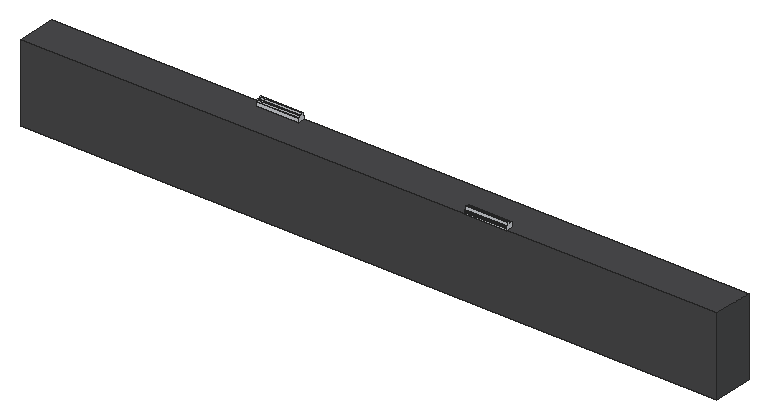
Revit family "DTM30N6.1.24", category Luminarias, Revit 2019
Family settings
  Cota de conector redondo = Diámetro de uso
  Tipo de pieza = Normal
  Se basa en plano de trabajo = Sí
  Siempre vertical = Sí
  Corte con vacíos al cargar = No
  Origen de luz = Sí
  Compartido = No
  Punto de cálculo de habitación = No
Parameters (values of type "RECTANGULAR DWN RIEL_DTM30N6.1.24")
  Ángulo de inclinación = 60.00°
  Zone [instance] = ""
  Watt per fixture = 15
  Wattage = 30.4 W
  built-in parameter 1150107 = 4000 (stored number, unit not read)
  built-in parameter 1150110 = 1 (stored number, unit not read)
  built-in parameter 1150109 = 1 (stored number, unit not read)
  built-in parameter 1150112 = 1 (stored number, unit not read)
  built-in parameter 1150113 = 1 (stored number, unit not read)
  built-in parameter 1114218 = 1 (stored number, unit not read)
  Keynote = ""
  built-in parameter 1150137 = (empty or 0)
  built-in parameter 1150132 = (empty or 0)
  Modelo = "DTM30N6.1.24"
  Lámpara = "3030SMD PHILIPS"
  built-in parameter 1150105 = 217.72 (stored number, unit not read)
  built-in parameter 1150102 = (empty or 0)
  built-in parameter 1150106 = 2.1772 (stored number, unit not read)
  Lumens = 2736 lm
  Color Filter = 16777215
  built-in parameter 1114217 = 1 (stored number, unit not read)
  built-in parameter 1150139 = (empty or 0)
  Fabricante = "BRILLANT"
  Default Elevation = 1219.2 mm
  built-in parameter 1150104 = 8.3613 (stored number, unit not read)
  Descripción = "LUMINARIA DOWNLIGHT EN FORMATO RECTANGULAR COMPATIBLE CON RIEL DE 6 ENTRADAS Y 3 CIRCUITOS, CUERPO DE ALUMINIO ACABADO EN COLOR NEGRO, IP 20, PESO 1.40Kg, TIPO DE LED 3030SMD PHILIPS CON 30.4W TOTAL, 1450 LUMENES, 90LM/W, IRC 90, TEMPERATURA EN BLANCO FRIO 4000K, 50 MIL HORAS DE VIDA PROMEDIO, APERTURA DE 24 GRADOS POR STOCK, ALIMENTADO A 90-240V"
  built-in parameter 1150115 = 1 (stored number, unit not read)
  built-in parameter 1150114 = 1 (stored number, unit not read)
  Comentarios de vataje = "90-240V"
  built-in parameter 1150138 = (empty or 0)
  built-in parameter 1150134 = 12
  Circuit [instance] = ""
  Dimming Lamp Color Temperature Shift = (empty or 0)
  Archivo de red fotométrica = "L646A-30W-840-B-24_IESNA95.IES"
  built-in parameter 1150133 = 10 (stored number, unit not read)
Reference planes
  plane 1 "Centro (Frontal/Posterior)": y = 0
  plane 2: z = 0
  plane 3 "Centro (Izquierda/Derecha)": x = 0
Forms (mm)
  Extrusion 1, solid, material "Default Form"
    sketch origin (0, 0, 0) x (1, 0, 0) y (0, 0, 1)
      loop
        line (-323, 0) -> (-323, -72) -> (323, -72) -> (323, 0) -> (-323, 0)
    from -18.326 to 18.326
  Extrusion 2, solid
    sketch origin (0, 0, 3.217) x (0, 1, 0) y (0, 0, 1)
      loop
        line (-12.149, -3.217) -> (-12.149, 0) -> (-12.935, 0) -> (-12.935, 1.637) -> (-13.796, 1.637) -> (-13.796, 0) -> (-14.582, 0) -> (-14.582, 0.811) -> (-15.443, 0.811) -> (-15.443, 0) -> (-16.233, 0) -> (-16.233, 2.691) -> (-17.279, 2.691) -> (-17.279, 0) -> (-18.061, 0) -> (-18.061, -0.861) -> (-17.162, -0.861) -> (-17.162, -2.042) -> (-18.326, -2.042) -> (-18.326, -3.217) -> (-12.149, -3.217)
    from 89.098 to 128.24
  Extrusion 3, solid
    sketch origin (0, 0, 3.217) x (0, -1, 0) y (0, 0, 1)
      loop
        line (-12.149, -3.217) -> (-12.149, 0) -> (-12.935, 0) -> (-12.935, 1.637) -> (-13.796, 1.637) -> (-13.796, 0) -> (-14.582, 0) -> (-14.582, 0.811) -> (-15.443, 0.811) -> (-15.443, 0) -> (-16.233, 0) -> (-16.233, 2.691) -> (-17.279, 2.691) -> (-17.279, 0) -> (-18.061, 0) -> (-18.061, -0.861) -> (-17.162, -0.861) -> (-17.162, -2.042) -> (-18.326, -2.042) -> (-18.326, -3.217) -> (-12.149, -3.217)
    from 89.098 to 128.24
  Blend 4, void
    base sketch origin (-142.93, 0, 0) x (1, 0, 0) y (0, 1, 0)
      loop
        line (-162, 16.149) -> (-162, -16.149) -> (-144.14, -16.149) -> (-144.14, 16.149) -> (-162, 16.149)
    top sketch origin (-142.93, 0, 0) x (1, 0, 0) y (0, 1, 0)
      loop
        line (-160, 12.149) -> (-160, -12.149) -> (-146.14, -12.149) -> (-146.14, 12.149) -> (-160, 12.149)
    from -72 to -61.591
  Blend 5, void
    base sketch origin (-115.93, 0, 0) x (1, 0, 0) y (0, 1, 0)
      loop
        line (-162, 16.149) -> (-162, -16.149) -> (-144.14, -16.149) -> (-144.14, 16.149) -> (-162, 16.149)
    top sketch origin (-115.93, 0, 0) x (1, 0, 0) y (0, 1, 0)
      loop
        line (-160, 12.149) -> (-160, -12.149) -> (-146.14, -12.149) -> (-146.14, 12.149) -> (-160, 12.149)
    from -72 to -61.591
  Blend 6, void
    base sketch origin (-88.93, 0, 0) x (1, 0, 0) y (0, 1, 0)
      loop
        line (-162, 16.149) -> (-162, -16.149) -> (-144.14, -16.149) -> (-144.14, 16.149) -> (-162, 16.149)
    top sketch origin (-88.93, 0, 0) x (1, 0, 0) y (0, 1, 0)
      loop
        line (-160, 12.149) -> (-160, -12.149) -> (-146.14, -12.149) -> (-146.14, 12.149) -> (-160, 12.149)
    from -72 to -61.591
  Blend 7, void
    base sketch origin (-61.93, 0, 0) x (1, 0, 0) y (0, 1, 0)
      loop
        line (-162, 16.149) -> (-162, -16.149) -> (-144.14, -16.149) -> (-144.14, 16.149) -> (-162, 16.149)
    top sketch origin (-61.93, 0, 0) x (1, 0, 0) y (0, 1, 0)
      loop
        line (-160, 12.149) -> (-160, -12.149) -> (-146.14, -12.149) -> (-146.14, 12.149) -> (-160, 12.149)
    from -72 to -61.591
  Blend 8, void
    base sketch origin (-34.93, 0, 0) x (1, 0, 0) y (0, 1, 0)
      loop
        line (-162, 16.149) -> (-162, -16.149) -> (-144.14, -16.149) -> (-144.14, 16.149) -> (-162, 16.149)
    top sketch origin (-34.93, 0, 0) x (1, 0, 0) y (0, 1, 0)
      loop
        line (-160, 12.149) -> (-160, -12.149) -> (-146.14, -12.149) -> (-146.14, 12.149) -> (-160, 12.149)
    from -72 to -61.591
  Blend 9, void
    base sketch origin (-7.93, 0, 0) x (1, 0, 0) y (0, 1, 0)
      loop
        line (-162, 16.149) -> (-162, -16.149) -> (-144.14, -16.149) -> (-144.14, 16.149) -> (-162, 16.149)
    top sketch origin (-7.93, 0, 0) x (1, 0, 0) y (0, 1, 0)
      loop
        line (-160, 12.149) -> (-160, -12.149) -> (-146.14, -12.149) -> (-146.14, 12.149) -> (-160, 12.149)
    from -72 to -61.591
  Blend 10, void
    base sketch origin (19.07, 0, 0) x (1, 0, 0) y (0, 1, 0)
      loop
        line (-162, 16.149) -> (-162, -16.149) -> (-144.14, -16.149) -> (-144.14, 16.149) -> (-162, 16.149)
    top sketch origin (19.07, 0, 0) x (1, 0, 0) y (0, 1, 0)
      loop
        line (-160, 12.149) -> (-160, -12.149) -> (-146.14, -12.149) -> (-146.14, 12.149) -> (-160, 12.149)
    from -72 to -61.591
  Blend 11, void
    base sketch origin (46.07, 0, 0) x (1, 0, 0) y (0, 1, 0)
      loop
        line (-162, 16.149) -> (-162, -16.149) -> (-144.14, -16.149) -> (-144.14, 16.149) -> (-162, 16.149)
    top sketch origin (46.07, 0, 0) x (1, 0, 0) y (0, 1, 0)
      loop
        line (-160, 12.149) -> (-160, -12.149) -> (-146.14, -12.149) -> (-146.14, 12.149) -> (-160, 12.149)
    from -72 to -61.591
  Blend 12, void
    base sketch origin (73.07, 0, 0) x (1, 0, 0) y (0, 1, 0)
      loop
        line (-162, 16.149) -> (-162, -16.149) -> (-144.14, -16.149) -> (-144.14, 16.149) -> (-162, 16.149)
    top sketch origin (73.07, 0, 0) x (1, 0, 0) y (0, 1, 0)
      loop
        line (-160, 12.149) -> (-160, -12.149) -> (-146.14, -12.149) -> (-146.14, 12.149) -> (-160, 12.149)
    from -72 to -61.591
  Blend 13, void
    base sketch origin (100.07, 0, 0) x (1, 0, 0) y (0, 1, 0)
      loop
        line (-162, 16.149) -> (-162, -16.149) -> (-144.14, -16.149) -> (-144.14, 16.149) -> (-162, 16.149)
    top sketch origin (100.07, 0, 0) x (1, 0, 0) y (0, 1, 0)
      loop
        line (-160, 12.149) -> (-160, -12.149) -> (-146.14, -12.149) -> (-146.14, 12.149) -> (-160, 12.149)
    from -72 to -61.591
  Blend 14, void
    base sketch origin (127.07, 0, 0) x (1, 0, 0) y (0, 1, 0)
      loop
        line (-162, 16.149) -> (-162, -16.149) -> (-144.14, -16.149) -> (-144.14, 16.149) -> (-162, 16.149)
    top sketch origin (127.07, 0, 0) x (1, 0, 0) y (0, 1, 0)
      loop
        line (-160, 12.149) -> (-160, -12.149) -> (-146.14, -12.149) -> (-146.14, 12.149) -> (-160, 12.149)
    from -72 to -61.591
  Blend 15, void
    base sketch origin (154.07, 0, 0) x (1, 0, 0) y (0, 1, 0)
      loop
        line (-162, 16.149) -> (-162, -16.149) -> (-144.14, -16.149) -> (-144.14, 16.149) -> (-162, 16.149)
    top sketch origin (154.07, 0, 0) x (1, 0, 0) y (0, 1, 0)
      loop
        line (-160, 12.149) -> (-160, -12.149) -> (-146.14, -12.149) -> (-146.14, 12.149) -> (-160, 12.149)
    from -72 to -61.591
  Blend 16, void
    base sketch origin (181.07, 0, 0) x (1, 0, 0) y (0, 1, 0)
      loop
        line (-162, 16.149) -> (-162, -16.149) -> (-144.14, -16.149) -> (-144.14, 16.149) -> (-162, 16.149)
    top sketch origin (181.07, 0, 0) x (1, 0, 0) y (0, 1, 0)
      loop
        line (-160, 12.149) -> (-160, -12.149) -> (-146.14, -12.149) -> (-146.14, 12.149) -> (-160, 12.149)
    from -72 to -61.591
  Blend 17, void
    base sketch origin (208.07, 0, 0) x (1, 0, 0) y (0, 1, 0)
      loop
        line (-162, 16.149) -> (-162, -16.149) -> (-144.14, -16.149) -> (-144.14, 16.149) -> (-162, 16.149)
    top sketch origin (208.07, 0, 0) x (1, 0, 0) y (0, 1, 0)
      loop
        line (-160, 12.149) -> (-160, -12.149) -> (-146.14, -12.149) -> (-146.14, 12.149) -> (-160, 12.149)
    from -72 to -61.591
  Blend 18, void
    base sketch origin (235.07, 0, 0) x (1, 0, 0) y (0, 1, 0)
      loop
        line (-162, 16.149) -> (-162, -16.149) -> (-144.14, -16.149) -> (-144.14, 16.149) -> (-162, 16.149)
    top sketch origin (235.07, 0, 0) x (1, 0, 0) y (0, 1, 0)
      loop
        line (-160, 12.149) -> (-160, -12.149) -> (-146.14, -12.149) -> (-146.14, 12.149) -> (-160, 12.149)
    from -72 to -61.591
  Blend 19, void
    base sketch origin (262.07, 0, 0) x (1, 0, 0) y (0, 1, 0)
      loop
        line (-162, 16.149) -> (-162, -16.149) -> (-144.14, -16.149) -> (-144.14, 16.149) -> (-162, 16.149)
    top sketch origin (262.07, 0, 0) x (1, 0, 0) y (0, 1, 0)
      loop
        line (-160, 12.149) -> (-160, -12.149) -> (-146.14, -12.149) -> (-146.14, 12.149) -> (-160, 12.149)
    from -72 to -61.591
  Blend 20, void
    base sketch origin (289.07, 0, 0) x (1, 0, 0) y (0, 1, 0)
      loop
        line (-162, 16.149) -> (-162, -16.149) -> (-144.14, -16.149) -> (-144.14, 16.149) -> (-162, 16.149)
    top sketch origin (289.07, 0, 0) x (1, 0, 0) y (0, 1, 0)
      loop
        line (-160, 12.149) -> (-160, -12.149) -> (-146.14, -12.149) -> (-146.14, 12.149) -> (-160, 12.149)
    from -72 to -61.591
  Blend 21, void
    base sketch origin (316.07, 0, 0) x (1, 0, 0) y (0, 1, 0)
      loop
        line (-162, 16.149) -> (-162, -16.149) -> (-144.14, -16.149) -> (-144.14, 16.149) -> (-162, 16.149)
    top sketch origin (316.07, 0, 0) x (1, 0, 0) y (0, 1, 0)
      loop
        line (-160, 12.149) -> (-160, -12.149) -> (-146.14, -12.149) -> (-146.14, 12.149) -> (-160, 12.149)
    from -72 to -61.591
  Blend 22, void
    base sketch origin (343.07, 0, 0) x (1, 0, 0) y (0, 1, 0)
      loop
        line (-162, 16.149) -> (-162, -16.149) -> (-144.14, -16.149) -> (-144.14, 16.149) -> (-162, 16.149)
    top sketch origin (343.07, 0, 0) x (1, 0, 0) y (0, 1, 0)
      loop
        line (-160, 12.149) -> (-160, -12.149) -> (-146.14, -12.149) -> (-146.14, 12.149) -> (-160, 12.149)
    from -72 to -61.591
  Blend 23, void
    base sketch origin (370.07, 0, 0) x (1, 0, 0) y (0, 1, 0)
      loop
        line (-162, 16.149) -> (-162, -16.149) -> (-144.14, -16.149) -> (-144.14, 16.149) -> (-162, 16.149)
    top sketch origin (370.07, 0, 0) x (1, 0, 0) y (0, 1, 0)
      loop
        line (-160, 12.149) -> (-160, -12.149) -> (-146.14, -12.149) -> (-146.14, 12.149) -> (-160, 12.149)
    from -72 to -61.591
  Blend 24, void
    base sketch origin (397.07, 0, 0) x (1, 0, 0) y (0, 1, 0)
      loop
        line (-162, 16.149) -> (-162, -16.149) -> (-144.14, -16.149) -> (-144.14, 16.149) -> (-162, 16.149)
    top sketch origin (397.07, 0, 0) x (1, 0, 0) y (0, 1, 0)
      loop
        line (-160, 12.149) -> (-160, -12.149) -> (-146.14, -12.149) -> (-146.14, 12.149) -> (-160, 12.149)
    from -72 to -61.591
  Blend 25, void
    base sketch origin (424.07, 0, 0) x (1, 0, 0) y (0, 1, 0)
      loop
        line (-162, 16.149) -> (-162, -16.149) -> (-144.14, -16.149) -> (-144.14, 16.149) -> (-162, 16.149)
    top sketch origin (424.07, 0, 0) x (1, 0, 0) y (0, 1, 0)
      loop
        line (-160, 12.149) -> (-160, -12.149) -> (-146.14, -12.149) -> (-146.14, 12.149) -> (-160, 12.149)
    from -72 to -61.591
  Blend 26, void
    base sketch origin (451.07, 0, 0) x (1, 0, 0) y (0, 1, 0)
      loop
        line (-162, 16.149) -> (-162, -16.149) -> (-144.14, -16.149) -> (-144.14, 16.149) -> (-162, 16.149)
    top sketch origin (451.07, 0, 0) x (1, 0, 0) y (0, 1, 0)
      loop
        line (-160, 12.149) -> (-160, -12.149) -> (-146.14, -12.149) -> (-146.14, 12.149) -> (-160, 12.149)
    from -72 to -61.591
Cuts and joins
  Blend 4, Blend 5, Blend 6, Blend 7, Blend 8, Blend 9, Blend 10, Blend 11, Blend 12, Blend 13, Blend 14, Blend 15, Blend 16, Blend 17, Blend 18, Blend 19, Blend 20, Blend 21, Blend 22, Blend 23, Blend 24, Blend 25, Blend 26 cuts Extrusion 1
Dimensions and locks
  equal spacing: Extrusion 1, plane 1 "Centro (Frontal/Posterior)", Extrusion 1
  Extrusion 1 to plane 1 "Centro (Frontal/Posterior)" = 18.326 mm
  Extrusion 1 to Extrusion 1 = 36.651 mm
  Extrusion 1 to Extrusion 1 = 72 mm
  Extrusion 1 to Extrusion 1 = 646 mm
  cut or joined group 1 (Extrusion 1, Blend 4, Blend 5, Blend 6, Blend 7, Blend 8, Blend 9, Blend 10, Blend 11, Blend 12, Blend 13, Blend 14, Blend 15, Blend 16, Blend 17, Blend 18, Blend 19, Blend 20, Blend 21, Blend 22, Blend 23, Blend 24, Blend 25, Blend 26) to cut or joined group 1 = 72 mm
  cut or joined group 1 to cut or joined group 1 = 36.651 mm
  cut or joined group 1 to cut or joined group 1 = 646 mm
  equal spacing: cut or joined group 1, plane 1 "Centro (Frontal/Posterior)", cut or joined group 1
  aligned and locked: level to plane 2
Automatic sketch dimensions
  Extrusion 1 sketch curve to level = 0 mm
  Extrusion 1 sketch curve to level = 72 mm
  Extrusion 1 sketch curve to plane 3 "Centro (Izquierda/Derecha)" = 323 mm
  plane 3 "Centro (Izquierda/Derecha)" to Extrusion 1 sketch curve = 323 mm
  Extrusion 2 sketch curve to level = 0 mm
  level to Extrusion 2 sketch curve = 1.175 mm
  plane 1 "Centro (Frontal/Posterior)" to Extrusion 2 sketch curve = 18.326 mm
  Extrusion 2 sketch curve to Extrusion 2 sketch curve = 0.265 mm
  Extrusion 2 sketch curve to Extrusion 2 sketch curve = 0.782 mm
  Extrusion 2 sketch curve to Extrusion 2 sketch curve = 1.164 mm
  Extrusion 2 sketch curve to Extrusion 2 sketch curve = 1.046 mm
  Extrusion 2 sketch curve to Extrusion 2 sketch curve = 0.789 mm
  Extrusion 2 sketch curve to Extrusion 2 sketch curve = 0.861 mm  (x3)
  Extrusion 2 sketch curve to Extrusion 2 sketch curve = 0.786 mm
  Extrusion 2 sketch curve to Extrusion 2 sketch curve = 0.785 mm
  Extrusion 2 sketch curve to Extrusion 2 sketch curve = 1.181 mm
  level to Extrusion 2 sketch curve = 3.217 mm
  Extrusion 2 sketch curve to Extrusion 2 sketch curve = 0 mm  (x2)
  Extrusion 2 sketch curve to Extrusion 2 sketch curve = 0.811 mm
  Extrusion 2 sketch curve to Extrusion 2 sketch curve = 0.826 mm
  Extrusion 2 sketch curve to Extrusion 2 sketch curve = 1.88 mm
  Extrusion 3 sketch curve to level = 0 mm
  level to Extrusion 3 sketch curve = 1.175 mm
  Extrusion 3 sketch curve to plane 1 "Centro (Frontal/Posterior)" = 18.326 mm
  Extrusion 3 sketch curve to Extrusion 3 sketch curve = 0.265 mm
  Extrusion 3 sketch curve to Extrusion 3 sketch curve = 0.782 mm
  Extrusion 3 sketch curve to Extrusion 3 sketch curve = 1.164 mm
  Extrusion 3 sketch curve to Extrusion 3 sketch curve = 1.046 mm
  Extrusion 3 sketch curve to Extrusion 3 sketch curve = 0.789 mm
  Extrusion 3 sketch curve to Extrusion 3 sketch curve = 0.861 mm  (x3)
  Extrusion 3 sketch curve to Extrusion 3 sketch curve = 0.786 mm
  Extrusion 3 sketch curve to Extrusion 3 sketch curve = 0.785 mm
  Extrusion 3 sketch curve to Extrusion 3 sketch curve = 1.181 mm
  level to Extrusion 3 sketch curve = 3.217 mm
  Extrusion 3 sketch curve to Extrusion 3 sketch curve = 0 mm  (x2)
  Extrusion 3 sketch curve to Extrusion 3 sketch curve = 0.811 mm
  Extrusion 3 sketch curve to Extrusion 3 sketch curve = 0.826 mm
  Extrusion 3 sketch curve to Extrusion 3 sketch curve = 1.88 mm
  Blend 4 sketch curve to plane 1 "Centro (Frontal/Posterior)" = 16.149 mm
  Blend 4 sketch curve to plane 3 "Centro (Izquierda/Derecha)" = 304.93 mm
  Blend 4 sketch curve to Blend 4 sketch curve = 17.86 mm
  plane 1 "Centro (Frontal/Posterior)" to Blend 4 sketch curve = 16.149 mm
  Blend 4 sketch curve to plane 1 "Centro (Frontal/Posterior)" = 12.149 mm
  Blend 4 sketch curve to plane 3 "Centro (Izquierda/Derecha)" = 302.93 mm
  Blend 4 sketch curve to Blend 4 sketch curve = 13.86 mm
  plane 1 "Centro (Frontal/Posterior)" to Blend 4 sketch curve = 12.149 mm
  Blend 5 sketch curve to Blend 5 sketch curve = 17.86 mm
  Blend 5 sketch curve to Blend 5 sketch curve = 13.86 mm
  Blend 5 sketch curve to Blend 5 sketch curve = 32.298 mm
  Blend 5 sketch curve to Blend 5 sketch curve = 24.298 mm
  Blend 6 sketch curve to Blend 6 sketch curve = 17.86 mm
  Blend 6 sketch curve to Blend 6 sketch curve = 13.86 mm
  Blend 6 sketch curve to Blend 6 sketch curve = 32.298 mm
  Blend 6 sketch curve to Blend 6 sketch curve = 24.298 mm
  Blend 7 sketch curve to Blend 7 sketch curve = 17.86 mm
  Blend 7 sketch curve to Blend 7 sketch curve = 13.86 mm
  Blend 7 sketch curve to Blend 7 sketch curve = 32.298 mm
  Blend 7 sketch curve to Blend 7 sketch curve = 24.298 mm
  Blend 8 sketch curve to Blend 8 sketch curve = 17.86 mm
  Blend 8 sketch curve to Blend 8 sketch curve = 13.86 mm
  Blend 8 sketch curve to Blend 8 sketch curve = 32.298 mm
  Blend 8 sketch curve to Blend 8 sketch curve = 24.298 mm
  Blend 9 sketch curve to Blend 9 sketch curve = 17.86 mm
  Blend 9 sketch curve to Blend 9 sketch curve = 13.86 mm
  Blend 9 sketch curve to Blend 9 sketch curve = 32.298 mm
  Blend 9 sketch curve to Blend 9 sketch curve = 24.298 mm
  Blend 10 sketch curve to Blend 10 sketch curve = 17.86 mm
  Blend 10 sketch curve to Blend 10 sketch curve = 13.86 mm
  Blend 10 sketch curve to Blend 10 sketch curve = 32.298 mm
  Blend 10 sketch curve to Blend 10 sketch curve = 24.298 mm
  Blend 11 sketch curve to Blend 11 sketch curve = 17.86 mm
  Blend 11 sketch curve to Blend 11 sketch curve = 13.86 mm
  Blend 11 sketch curve to Blend 11 sketch curve = 32.298 mm
  Blend 11 sketch curve to Blend 11 sketch curve = 24.298 mm
  Blend 12 sketch curve to Blend 12 sketch curve = 17.86 mm
  Blend 12 sketch curve to Blend 12 sketch curve = 13.86 mm
  Blend 12 sketch curve to Blend 12 sketch curve = 32.298 mm
  Blend 12 sketch curve to Blend 12 sketch curve = 24.298 mm
  Blend 13 sketch curve to Blend 13 sketch curve = 17.86 mm
  Blend 13 sketch curve to Blend 13 sketch curve = 13.86 mm
  Blend 13 sketch curve to Blend 13 sketch curve = 32.298 mm
  Blend 13 sketch curve to Blend 13 sketch curve = 24.298 mm
  Blend 14 sketch curve to Blend 14 sketch curve = 17.86 mm
  Blend 14 sketch curve to Blend 14 sketch curve = 13.86 mm
  Blend 14 sketch curve to Blend 14 sketch curve = 32.298 mm
  Blend 14 sketch curve to Blend 14 sketch curve = 24.298 mm
  Blend 15 sketch curve to Blend 15 sketch curve = 17.86 mm
  Blend 15 sketch curve to Blend 15 sketch curve = 13.86 mm
  Blend 15 sketch curve to Blend 15 sketch curve = 32.298 mm
  Blend 15 sketch curve to Blend 15 sketch curve = 24.298 mm
  Blend 16 sketch curve to Blend 16 sketch curve = 17.86 mm
  Blend 16 sketch curve to Blend 16 sketch curve = 13.86 mm
  Blend 16 sketch curve to Blend 16 sketch curve = 32.298 mm
  Blend 16 sketch curve to Blend 16 sketch curve = 24.298 mm
  Blend 17 sketch curve to Blend 17 sketch curve = 17.86 mm
  Blend 17 sketch curve to Blend 17 sketch curve = 13.86 mm
  Blend 17 sketch curve to Blend 17 sketch curve = 32.298 mm
  Blend 17 sketch curve to Blend 17 sketch curve = 24.298 mm
  Blend 18 sketch curve to Blend 18 sketch curve = 17.86 mm
  Blend 18 sketch curve to Blend 18 sketch curve = 13.86 mm
  Blend 18 sketch curve to Blend 18 sketch curve = 32.298 mm
  Blend 18 sketch curve to Blend 18 sketch curve = 24.298 mm
  Blend 19 sketch curve to Blend 19 sketch curve = 17.86 mm
  Blend 19 sketch curve to Blend 19 sketch curve = 13.86 mm
  Blend 19 sketch curve to Blend 19 sketch curve = 32.298 mm
  Blend 19 sketch curve to Blend 19 sketch curve = 24.298 mm
  Blend 20 sketch curve to Blend 20 sketch curve = 17.86 mm
  Blend 20 sketch curve to Blend 20 sketch curve = 13.86 mm
  Blend 20 sketch curve to Blend 20 sketch curve = 32.298 mm
  Blend 20 sketch curve to Blend 20 sketch curve = 24.298 mm
  Blend 21 sketch curve to Blend 21 sketch curve = 17.86 mm
  Blend 21 sketch curve to Blend 21 sketch curve = 13.86 mm
  Blend 21 sketch curve to Blend 21 sketch curve = 32.298 mm
  Blend 21 sketch curve to Blend 21 sketch curve = 24.298 mm
  Blend 22 sketch curve to Blend 22 sketch curve = 17.86 mm
  Blend 22 sketch curve to Blend 22 sketch curve = 13.86 mm
  Blend 22 sketch curve to Blend 22 sketch curve = 32.298 mm
  Blend 22 sketch curve to Blend 22 sketch curve = 24.298 mm
  Blend 23 sketch curve to Blend 23 sketch curve = 17.86 mm
  Blend 23 sketch curve to Blend 23 sketch curve = 13.86 mm
  Blend 23 sketch curve to Blend 23 sketch curve = 32.298 mm
  Blend 23 sketch curve to Blend 23 sketch curve = 24.298 mm
  Blend 24 sketch curve to Blend 24 sketch curve = 17.86 mm
  Blend 24 sketch curve to Blend 24 sketch curve = 13.86 mm
  Blend 24 sketch curve to Blend 24 sketch curve = 32.298 mm
  Blend 24 sketch curve to Blend 24 sketch curve = 24.298 mm
  Blend 25 sketch curve to Blend 25 sketch curve = 17.86 mm
  Blend 25 sketch curve to Blend 25 sketch curve = 13.86 mm
  Blend 25 sketch curve to Blend 25 sketch curve = 32.298 mm
  Blend 25 sketch curve to Blend 25 sketch curve = 24.298 mm
  Blend 26 sketch curve to Blend 26 sketch curve = 17.86 mm
  Blend 26 sketch curve to Blend 26 sketch curve = 13.86 mm
  Blend 26 sketch curve to Blend 26 sketch curve = 32.298 mm
  Blend 26 sketch curve to Blend 26 sketch curve = 24.298 mm
  Blend 5 sketch curve to plane 1 "Centro (Frontal/Posterior)" = 16.149 mm
  Blend 5 sketch curve to plane 3 "Centro (Izquierda/Derecha)" = 277.93 mm
  Blend 5 sketch curve to plane 1 "Centro (Frontal/Posterior)" = 12.149 mm
  Blend 5 sketch curve to plane 3 "Centro (Izquierda/Derecha)" = 275.93 mm
  Blend 6 sketch curve to plane 1 "Centro (Frontal/Posterior)" = 16.149 mm
  Blend 6 sketch curve to plane 3 "Centro (Izquierda/Derecha)" = 250.93 mm
  Blend 6 sketch curve to plane 1 "Centro (Frontal/Posterior)" = 12.149 mm
  Blend 6 sketch curve to plane 3 "Centro (Izquierda/Derecha)" = 248.93 mm
  Blend 7 sketch curve to plane 1 "Centro (Frontal/Posterior)" = 16.149 mm
  Blend 7 sketch curve to plane 3 "Centro (Izquierda/Derecha)" = 223.93 mm
  Blend 7 sketch curve to plane 1 "Centro (Frontal/Posterior)" = 12.149 mm
  Blend 7 sketch curve to plane 3 "Centro (Izquierda/Derecha)" = 221.93 mm
  Blend 8 sketch curve to plane 1 "Centro (Frontal/Posterior)" = 16.149 mm
  Blend 8 sketch curve to plane 3 "Centro (Izquierda/Derecha)" = 196.93 mm
  Blend 8 sketch curve to plane 1 "Centro (Frontal/Posterior)" = 12.149 mm
  Blend 8 sketch curve to plane 3 "Centro (Izquierda/Derecha)" = 194.93 mm
  Blend 9 sketch curve to plane 1 "Centro (Frontal/Posterior)" = 16.149 mm
  Blend 9 sketch curve to plane 3 "Centro (Izquierda/Derecha)" = 169.93 mm
  Blend 9 sketch curve to plane 1 "Centro (Frontal/Posterior)" = 12.149 mm
  Blend 9 sketch curve to plane 3 "Centro (Izquierda/Derecha)" = 167.93 mm
  Blend 10 sketch curve to plane 1 "Centro (Frontal/Posterior)" = 16.149 mm
  Blend 10 sketch curve to plane 3 "Centro (Izquierda/Derecha)" = 142.93 mm
  Blend 10 sketch curve to plane 1 "Centro (Frontal/Posterior)" = 12.149 mm
  Blend 10 sketch curve to plane 3 "Centro (Izquierda/Derecha)" = 140.93 mm
  Blend 11 sketch curve to plane 1 "Centro (Frontal/Posterior)" = 16.149 mm
  Blend 11 sketch curve to plane 3 "Centro (Izquierda/Derecha)" = 115.93 mm
  Blend 11 sketch curve to plane 1 "Centro (Frontal/Posterior)" = 12.149 mm
  Blend 11 sketch curve to plane 3 "Centro (Izquierda/Derecha)" = 113.93 mm
  Blend 12 sketch curve to plane 1 "Centro (Frontal/Posterior)" = 16.149 mm
  Blend 12 sketch curve to plane 3 "Centro (Izquierda/Derecha)" = 88.93 mm
  Blend 12 sketch curve to plane 1 "Centro (Frontal/Posterior)" = 12.149 mm
  Blend 12 sketch curve to plane 3 "Centro (Izquierda/Derecha)" = 86.93 mm
  Blend 13 sketch curve to plane 1 "Centro (Frontal/Posterior)" = 16.149 mm
  Blend 13 sketch curve to plane 3 "Centro (Izquierda/Derecha)" = 61.93 mm
  Blend 13 sketch curve to plane 1 "Centro (Frontal/Posterior)" = 12.149 mm
  Blend 13 sketch curve to plane 3 "Centro (Izquierda/Derecha)" = 59.93 mm
  Blend 14 sketch curve to plane 1 "Centro (Frontal/Posterior)" = 16.149 mm
  Blend 14 sketch curve to plane 3 "Centro (Izquierda/Derecha)" = 34.93 mm
  Blend 14 sketch curve to plane 1 "Centro (Frontal/Posterior)" = 12.149 mm
  Blend 14 sketch curve to plane 3 "Centro (Izquierda/Derecha)" = 32.93 mm
  Blend 15 sketch curve to plane 3 "Centro (Izquierda/Derecha)" = 7.93 mm
  plane 1 "Centro (Frontal/Posterior)" to Blend 15 sketch curve = 16.149 mm
  Blend 15 sketch curve to plane 3 "Centro (Izquierda/Derecha)" = 5.93 mm
  plane 1 "Centro (Frontal/Posterior)" to Blend 15 sketch curve = 12.149 mm
  plane 3 "Centro (Izquierda/Derecha)" to Blend 16 sketch curve = 19.07 mm
  plane 1 "Centro (Frontal/Posterior)" to Blend 16 sketch curve = 16.149 mm
  plane 3 "Centro (Izquierda/Derecha)" to Blend 16 sketch curve = 21.07 mm
  plane 1 "Centro (Frontal/Posterior)" to Blend 16 sketch curve = 12.149 mm
  Blend 17 sketch curve to plane 1 "Centro (Frontal/Posterior)" = 16.149 mm
  plane 3 "Centro (Izquierda/Derecha)" to Blend 17 sketch curve = 46.07 mm
  Blend 17 sketch curve to plane 1 "Centro (Frontal/Posterior)" = 12.149 mm
  plane 3 "Centro (Izquierda/Derecha)" to Blend 17 sketch curve = 48.07 mm
  Blend 18 sketch curve to plane 1 "Centro (Frontal/Posterior)" = 16.149 mm
  plane 3 "Centro (Izquierda/Derecha)" to Blend 18 sketch curve = 73.07 mm
  Blend 18 sketch curve to plane 1 "Centro (Frontal/Posterior)" = 12.149 mm
  plane 3 "Centro (Izquierda/Derecha)" to Blend 18 sketch curve = 75.07 mm
  Blend 19 sketch curve to plane 1 "Centro (Frontal/Posterior)" = 16.149 mm
  plane 3 "Centro (Izquierda/Derecha)" to Blend 19 sketch curve = 100.07 mm
  Blend 19 sketch curve to plane 1 "Centro (Frontal/Posterior)" = 12.149 mm
  plane 3 "Centro (Izquierda/Derecha)" to Blend 19 sketch curve = 102.07 mm
  Blend 20 sketch curve to plane 1 "Centro (Frontal/Posterior)" = 16.149 mm
  plane 3 "Centro (Izquierda/Derecha)" to Blend 20 sketch curve = 127.07 mm
  Blend 20 sketch curve to plane 1 "Centro (Frontal/Posterior)" = 12.149 mm
  plane 3 "Centro (Izquierda/Derecha)" to Blend 20 sketch curve = 129.07 mm
  Blend 21 sketch curve to plane 1 "Centro (Frontal/Posterior)" = 16.149 mm
  plane 3 "Centro (Izquierda/Derecha)" to Blend 21 sketch curve = 154.07 mm
  Blend 21 sketch curve to plane 1 "Centro (Frontal/Posterior)" = 12.149 mm
  plane 3 "Centro (Izquierda/Derecha)" to Blend 21 sketch curve = 156.07 mm
  Blend 22 sketch curve to plane 1 "Centro (Frontal/Posterior)" = 16.149 mm
  plane 3 "Centro (Izquierda/Derecha)" to Blend 22 sketch curve = 181.07 mm
  Blend 22 sketch curve to plane 1 "Centro (Frontal/Posterior)" = 12.149 mm
  plane 3 "Centro (Izquierda/Derecha)" to Blend 22 sketch curve = 183.07 mm
  Blend 23 sketch curve to plane 1 "Centro (Frontal/Posterior)" = 16.149 mm
  plane 3 "Centro (Izquierda/Derecha)" to Blend 23 sketch curve = 208.07 mm
  Blend 23 sketch curve to plane 1 "Centro (Frontal/Posterior)" = 12.149 mm
  plane 3 "Centro (Izquierda/Derecha)" to Blend 23 sketch curve = 210.07 mm
  Blend 24 sketch curve to plane 1 "Centro (Frontal/Posterior)" = 16.149 mm
  plane 3 "Centro (Izquierda/Derecha)" to Blend 24 sketch curve = 235.07 mm
  Blend 24 sketch curve to plane 1 "Centro (Frontal/Posterior)" = 12.149 mm
  plane 3 "Centro (Izquierda/Derecha)" to Blend 24 sketch curve = 237.07 mm
  Blend 25 sketch curve to plane 1 "Centro (Frontal/Posterior)" = 16.149 mm
  plane 3 "Centro (Izquierda/Derecha)" to Blend 25 sketch curve = 262.07 mm
  Blend 25 sketch curve to plane 1 "Centro (Frontal/Posterior)" = 12.149 mm
  plane 3 "Centro (Izquierda/Derecha)" to Blend 25 sketch curve = 264.07 mm
  Blend 26 sketch curve to plane 1 "Centro (Frontal/Posterior)" = 16.149 mm
  plane 3 "Centro (Izquierda/Derecha)" to Blend 26 sketch curve = 289.07 mm
  Blend 26 sketch curve to plane 1 "Centro (Frontal/Posterior)" = 12.149 mm
  plane 3 "Centro (Izquierda/Derecha)" to Blend 26 sketch curve = 291.07 mm
Connectors
  electrical at (0, 0, 0)
    settings: on cut or joined group 1, index 1, voltage 240 V, apparent load 0 VA, apparent load phase1 0 VA, apparent load phase2 0 VA, apparent load phase3 0 VA, power factor 1, load classification "Otro", number of poles 1, system type 31, power factor state 1, is connector primary yes, connector utility no, sub classification motor no, connector description ""
